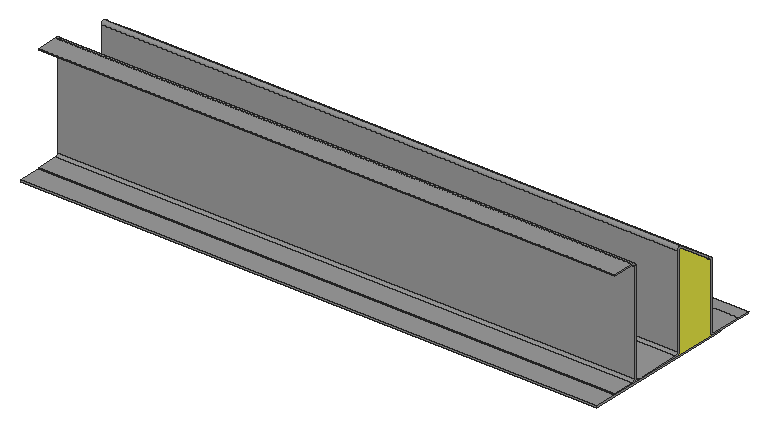
Revit family "HD K 90 215 WIL", category Generic Models, Revit 2014
Parameters (values of type "Max lintel length 2100mm")
  URL = "http://www.keystonelintels.co.uk"
  Structural Opening [instance] = 900 mm
  Structural Performance = "The Keystone lintel range has safe working loads as detailed in each applicable loading table in the Keystone Lintel Guide brochure. The structural performance figures within each table have been ascertained by testing in accordance with the requirements of standards BS EN 5977-2: 1983 and BS EN 845-2: 2003."
  RIBA Productor Selector = "available for Keystone Lintels Ltd from Keystone Lintels Ltd from ribaproductselector.com"
  Model = "HD/K 90 215 WIL"
  Min Length = 600 mm
  Min Clear Span = 300 mm
  Max Length = 2100 mm
  Max Clear Span = 2100 mm
  Material - Stainless Steel = "Grade 304 2b 1.4307 to BS EN 10088-2. Other grades available on request: contact manufacturer."
  Material - Galvanised Steel = "To BS EN 10346: 2009. DX51D plus Z600 or grade Z275 to BS 5977-2: 1983 (BS EN 845-2: 2003)."
  Manufacturer = "Keystone"
  Manufactured Length [instance] = (roundup(Effective Length / 150 mm) * 150 mm)  # 1200 mm
  Lintel height [instance] = 2100 mm
  Keynote = "F30/755"
  Fire Performance = "Keystone lintels have been subjected to a fire test (WARRES No. 101263) in accordance with BS 476-20: 1987, at Exova Warrington Fire and achieved a one hour fire performance."
  End Bearing = 150 mm
  Effective Length [instance] = Clear Opening with MIN MAX set + End Bearing * 2  # 1200 mm
  Corrosion = "Keystone’s standard range of lintels are manufactured from high quality grade pre-galvanized carbon steel with a zinc coating of 600"
  Contact Tel = "+44 (0)28 8676 2184"
  Contact Email = "info@keystonelintels.co.uk"
  Clear Opening with MIN MAX set [instance] = if(Structural Opening < Min Clear Span, Min Clear Span, (if(Structural Opening > Max Clear Span, Max Clear Span, Structural Opening)))  # 900 mm
  CPD Information = "Available for Keystone Lintels Ltd from ribacpd.com"
Reference planes
  plane 1 "Center (Front/Back)": y = 0
  plane 2: z = 0
  plane 3 "Center (Left/Right)": x = 0
  plane 4: x = -600
  plane 5: x = 600
  plane 6: z = 2100
  plane 7: x = -450
  plane 8: x = 450
Forms (mm)
  Extrusion 1, solid, material "Steel"
    sketch origin (0, 658.34, -498.991) x (0, 1, 0) y (0, 0, 1)
      loop
        line (-520.597, 2598.128) -> (-520.486, 2601.326) -> (-545.486, 2602.191) -> (-610.486, 2602.191)
        arc (-610.486, 2602.191) -> (-614.022, 2603.656) -> (-615.486, 2607.191) r 5
        line (-615.486, 2607.191) -> (-615.486, 2742.536)
        arc (-615.486, 2742.536) -> (-616.075, 2744.939) -> (-617.707, 2746.798) r 5.2
        line (-617.707, 2746.798) -> (-695.307, 2801.049)
        arc (-695.307, 2801.049) -> (-700.689, 2801.399) -> (-703.486, 2796.787) r 5.2
        line (-703.486, 2796.787) -> (-703.486, 2607.191)
        arc (-703.486, 2607.191) -> (-704.951, 2603.656) -> (-708.486, 2602.191) r 5
        line (-708.486, 2602.191) -> (-803.486, 2602.191) -> (-803.486, 2598.991) -> (-708.486, 2598.991)
        arc (-708.486, 2598.991) -> (-702.688, 2601.393) -> (-700.286, 2607.191) r 8.2
        line (-700.286, 2607.191) -> (-700.286, 2796.787)
        arc (-700.286, 2796.787) -> (-699.21, 2798.561) -> (-697.14, 2798.426) r 2
        line (-697.14, 2798.426) -> (-619.54, 2744.175)
        arc (-619.54, 2744.175) -> (-618.913, 2743.46) -> (-618.686, 2742.536) r 2
        line (-618.686, 2742.536) -> (-618.686, 2607.191)
        arc (-618.686, 2607.191) -> (-616.284, 2601.393) -> (-610.486, 2598.991) r 8.2
        line (-610.486, 2598.991) -> (-545.542, 2598.991) -> (-520.597, 2598.128)
    from -600 to 600
  Extrusion 2, solid, material "Steel"
    sketch origin (0, 657.84, -498.991) x (0, 1, 0) y (0, 0, 1)
      loop
        line (-866.986, 2823.991) -> (-866.986, 2821.491) -> (-820.986, 2821.491)
        arc (-820.986, 2821.491) -> (-817.451, 2820.027) -> (-815.986, 2816.491) r 5
        line (-815.986, 2816.491) -> (-815.986, 2606.491)
        arc (-815.986, 2606.491) -> (-817.451, 2602.956) -> (-820.986, 2601.491) r 5
        line (-820.986, 2601.491) -> (-866.986, 2601.491) -> (-866.986, 2598.991) -> (-820.986, 2598.991)
        arc (-820.986, 2598.991) -> (-815.683, 2601.188) -> (-813.486, 2606.491) r 7.5
        line (-813.486, 2606.491) -> (-813.486, 2816.491)
        arc (-813.486, 2816.491) -> (-815.683, 2821.794) -> (-820.986, 2823.991) r 7.5
        line (-820.986, 2823.991) -> (-866.986, 2823.991)
    from -600 to 600
  Extrusion 3, solid, material "Steel"
    sketch origin (0, 657.34, -498.991) x (0, 1, 0) y (0, 0, 1)
      loop
        line (-593.486, 2596.491) -> (-593.486, 2598.991) -> (-913.486, 2598.991) -> (-913.486, 2596.491) -> (-593.486, 2596.491)
    from -600 to 600
  Extrusion 4, solid, material "Insulation"
    sketch origin (0, 658.34, -498.991) x (0, 1, 0) y (0, 0, 1)
      loop
        line (-708.486, 2598.991) -> (-610.486, 2598.991)
        arc (-610.486, 2598.991) -> (-616.284, 2601.393) -> (-618.686, 2607.191) r 8.2
        line (-618.686, 2607.191) -> (-618.686, 2742.536)
        arc (-618.686, 2742.536) -> (-618.913, 2743.46) -> (-619.54, 2744.175) r 2
        line (-619.54, 2744.175) -> (-697.14, 2798.426)
        arc (-697.14, 2798.426) -> (-699.21, 2798.561) -> (-700.286, 2796.787) r 2
        line (-700.286, 2796.787) -> (-700.286, 2607.191)
        arc (-700.286, 2607.191) -> (-702.688, 2601.393) -> (-708.486, 2598.991) r 8.2
    from -600 to 600
  Extrusion 5, solid, not visible
    sketch origin (0, 1025.769, 1401.82) x (0, 1, 0) y (0, 0, 1)
      loop
        line (-520.597, 998.128) -> (-520.486, 1001.326) -> (-545.486, 1002.191) -> (-610.486, 1002.191)
        arc (-610.486, 1002.191) -> (-614.022, 1003.656) -> (-615.486, 1007.191) r 5
        line (-615.486, 1007.191) -> (-615.486, 1142.536)
        arc (-615.486, 1142.536) -> (-616.075, 1144.939) -> (-617.707, 1146.798) r 5.2
        line (-617.707, 1146.798) -> (-695.307, 1201.049)
        arc (-695.307, 1201.049) -> (-700.689, 1201.399) -> (-703.486, 1196.787) r 5.2
        line (-703.486, 1196.787) -> (-703.486, 1007.191)
        arc (-703.486, 1007.191) -> (-704.951, 1003.656) -> (-708.486, 1002.191) r 5
        line (-708.486, 1002.191) -> (-803.486, 1002.191) -> (-803.486, 998.991) -> (-708.486, 998.991)
        arc (-708.486, 998.991) -> (-702.688, 1001.393) -> (-700.286, 1007.191) r 8.2
        line (-700.286, 1007.191) -> (-700.286, 1196.787)
        arc (-700.286, 1196.787) -> (-699.21, 1198.561) -> (-697.14, 1198.426) r 2
        line (-697.14, 1198.426) -> (-619.54, 1144.175)
        arc (-619.54, 1144.175) -> (-618.913, 1143.46) -> (-618.686, 1142.536) r 2
        line (-618.686, 1142.536) -> (-618.686, 1007.191)
        arc (-618.686, 1007.191) -> (-616.284, 1001.393) -> (-610.486, 998.991) r 8.2
        line (-610.486, 998.991) -> (-545.542, 998.991) -> (-520.597, 998.128)
    from 0 to 250
  Extrusion 6, solid, not visible
    sketch origin (0, 626.539, 1289.935) x (0, 1, 0) y (0, 0, 1)
      loop
        line (-866.986, 1223.991) -> (-866.986, 1221.491) -> (-820.986, 1221.491)
        arc (-820.986, 1221.491) -> (-817.451, 1220.027) -> (-815.986, 1216.491) r 5
        line (-815.986, 1216.491) -> (-815.986, 1006.491)
        arc (-815.986, 1006.491) -> (-817.451, 1002.956) -> (-820.986, 1001.491) r 5
        line (-820.986, 1001.491) -> (-866.986, 1001.491) -> (-866.986, 998.991) -> (-820.986, 998.991)
        arc (-820.986, 998.991) -> (-815.683, 1001.188) -> (-813.486, 1006.491) r 7.5
        line (-813.486, 1006.491) -> (-813.486, 1216.491)
        arc (-813.486, 1216.491) -> (-815.683, 1221.794) -> (-820.986, 1223.991) r 7.5
        line (-820.986, 1223.991) -> (-866.986, 1223.991)
    from 0 to 250
  Extrusion 7, solid, not visible
    sketch origin (0, 1112.184, 1068.786) x (0, 1, 0) y (0, 0, 1)
      loop
        line (-593.486, 996.491) -> (-593.486, 998.991) -> (-913.486, 998.991) -> (-913.486, 996.491) -> (-593.486, 996.491)
    from 0 to 250
  Extrusion 8, solid, not visible
    sketch origin (0, 532.138, 874.882) x (0, 1, 0) y (0, 0, 1)
      loop
        line (-708.486, 998.991) -> (-610.486, 998.991)
        arc (-610.486, 998.991) -> (-616.284, 1001.393) -> (-618.686, 1007.191) r 8.2
        line (-618.686, 1007.191) -> (-618.686, 1142.536)
        arc (-618.686, 1142.536) -> (-618.913, 1143.46) -> (-619.54, 1144.175) r 2
        line (-619.54, 1144.175) -> (-697.14, 1198.426)
        arc (-697.14, 1198.426) -> (-699.21, 1198.561) -> (-700.286, 1196.787) r 2
        line (-700.286, 1196.787) -> (-700.286, 1007.191)
        arc (-700.286, 1007.191) -> (-702.688, 1001.393) -> (-708.486, 998.991) r 8.2
    from 0 to 250
Dimensions and locks
  equal spacing: plane 4, plane 3 "Center (Left/Right)", plane 5
  "Manufactured Length": plane 4 to plane 5
  "Lintel height": plane 6 to level
  "Structural Opening": plane 7 to plane 8
  equal spacing: plane 7, plane 3 "Center (Left/Right)", plane 8
  aligned and locked: level to plane 2
  aligned and locked: Extrusion 1 to plane 6
  aligned and locked: Extrusion 4 to plane 6  (x2)
  aligned and locked: Extrusion 2 to plane 6
  aligned and locked: plane 6 to Extrusion 3  (x2)
  aligned and locked: plane 5 to Extrusion 3
  aligned and locked: Extrusion 3 to plane 4
  aligned and locked: plane 5 to Extrusion 2
  aligned and locked: Extrusion 2 to plane 4
  aligned and locked: plane 5 to Extrusion 1
  aligned and locked: Extrusion 1 to plane 4
  aligned and locked: plane 5 to Extrusion 4
  aligned and locked: Extrusion 4 to plane 4
Automatic sketch dimensions
  Extrusion 1 sketch curve to Extrusion 1 sketch curve = 64.945 mm
  Extrusion 1 sketch curve to Extrusion 1 sketch curve = 24.945 mm
  Extrusion 1 sketch curve to Extrusion 1 sketch curve = 0.863 mm
  Extrusion 1 sketch curve to Extrusion 1 sketch curve = 0.111 mm
  Extrusion 1 sketch curve to Extrusion 1 sketch curve = 0.055 mm
  Extrusion 1 sketch curve to Extrusion 1 sketch curve = 0 mm  (x17)
  Extrusion 1 sketch curve to Extrusion 1 sketch curve = 5 mm  (x2)
  Extrusion 1 sketch curve to Extrusion 1 sketch curve = 135.345 mm
  Extrusion 1 sketch curve to Extrusion 1 sketch curve = 2 mm
  Extrusion 1 sketch curve to Extrusion 1 sketch curve = 0.854 mm
  Extrusion 1 sketch curve to Extrusion 1 sketch curve = 77.6 mm
  Extrusion 1 sketch curve to Extrusion 1 sketch curve = 54.252 mm
  Extrusion 1 sketch curve to Extrusion 1 sketch curve = 1.834 mm  (x2)
  Extrusion 1 sketch curve to Extrusion 1 sketch curve = 2.623 mm
  Extrusion 1 sketch curve to Extrusion 1 sketch curve = 1.146 mm
  Extrusion 1 sketch curve to Extrusion 1 sketch curve = 1.639 mm
  Extrusion 1 sketch curve to Extrusion 1 sketch curve = 95 mm
  Extrusion 2 sketch curve to Extrusion 2 sketch curve = 46 mm  (x2)
  Extrusion 2 sketch curve to Extrusion 2 sketch curve = 2.5 mm
  Extrusion 2 sketch curve to Extrusion 2 sketch curve = 0 mm  (x8)
  Extrusion 2 sketch curve to Extrusion 2 sketch curve = 5 mm  (x2)
  Extrusion 2 sketch curve to Extrusion 2 sketch curve = 210 mm
  Extrusion 3 sketch curve to Extrusion 3 sketch curve = 320 mm
  Extrusion 3 sketch curve to Extrusion 3 sketch curve = 2.5 mm
  Extrusion 4 sketch curve to Extrusion 4 sketch curve = 8.2 mm  (x3)
  Extrusion 4 sketch curve to Extrusion 4 sketch curve = 89.8 mm  (x2)
  Extrusion 4 sketch curve to Extrusion 4 sketch curve = 0 mm  (x2)
  Extrusion 4 sketch curve to Extrusion 4 sketch curve = 135.345 mm
  Extrusion 4 sketch curve to Extrusion 4 sketch curve = 54.252 mm
  Extrusion 4 sketch curve to Extrusion 4 sketch curve = 2 mm
  Extrusion 4 sketch curve to Extrusion 4 sketch curve = 0.854 mm
  Extrusion 4 sketch curve to Extrusion 4 sketch curve = 3.146 mm
  Extrusion 4 sketch curve to Extrusion 4 sketch curve = 1.639 mm
  Extrusion 5 sketch curve to Extrusion 5 sketch curve = 64.945 mm
  Extrusion 5 sketch curve to Extrusion 5 sketch curve = 24.945 mm
  Extrusion 5 sketch curve to Extrusion 5 sketch curve = 0.863 mm
  Extrusion 5 sketch curve to Extrusion 5 sketch curve = 0.111 mm
  Extrusion 5 sketch curve to Extrusion 5 sketch curve = 0.055 mm
  Extrusion 5 sketch curve to Extrusion 5 sketch curve = 0 mm  (x17)
  Extrusion 5 sketch curve to Extrusion 5 sketch curve = 5 mm  (x2)
  Extrusion 5 sketch curve to Extrusion 5 sketch curve = 135.345 mm
  Extrusion 5 sketch curve to Extrusion 5 sketch curve = 2 mm
  Extrusion 5 sketch curve to Extrusion 5 sketch curve = 0.854 mm
  Extrusion 5 sketch curve to Extrusion 5 sketch curve = 77.6 mm
  Extrusion 5 sketch curve to Extrusion 5 sketch curve = 54.252 mm
  Extrusion 5 sketch curve to Extrusion 5 sketch curve = 1.834 mm  (x2)
  Extrusion 5 sketch curve to Extrusion 5 sketch curve = 2.623 mm
  Extrusion 5 sketch curve to Extrusion 5 sketch curve = 1.146 mm
  Extrusion 5 sketch curve to Extrusion 5 sketch curve = 1.639 mm
  Extrusion 5 sketch curve to Extrusion 5 sketch curve = 95 mm
  Extrusion 6 sketch curve to Extrusion 6 sketch curve = 46 mm  (x2)
  Extrusion 6 sketch curve to Extrusion 6 sketch curve = 2.5 mm
  Extrusion 6 sketch curve to Extrusion 6 sketch curve = 0 mm  (x8)
  Extrusion 6 sketch curve to Extrusion 6 sketch curve = 5 mm  (x2)
  Extrusion 6 sketch curve to Extrusion 6 sketch curve = 210 mm
  Extrusion 7 sketch curve to Extrusion 7 sketch curve = 320 mm
  Extrusion 7 sketch curve to Extrusion 7 sketch curve = 2.5 mm
  Extrusion 8 sketch curve to Extrusion 8 sketch curve = 8.2 mm  (x3)
  Extrusion 8 sketch curve to Extrusion 8 sketch curve = 89.8 mm  (x2)
  Extrusion 8 sketch curve to Extrusion 8 sketch curve = 0 mm  (x2)
  Extrusion 8 sketch curve to Extrusion 8 sketch curve = 135.345 mm
  Extrusion 8 sketch curve to Extrusion 8 sketch curve = 54.252 mm
  Extrusion 8 sketch curve to Extrusion 8 sketch curve = 2 mm
  Extrusion 8 sketch curve to Extrusion 8 sketch curve = 0.854 mm
  Extrusion 8 sketch curve to Extrusion 8 sketch curve = 3.146 mm
  Extrusion 8 sketch curve to Extrusion 8 sketch curve = 1.639 mm
  Extrusion 2 sketch curve to plane 6 = 0 mm
  plane 1 "Center (Front/Back)" to Extrusion 2 sketch curve = 209.146 mm
  Extrusion 4 sketch curve to plane 6 = 0 mm
  plane 1 "Center (Front/Back)" to Extrusion 4 sketch curve = 50.146 mm
  Extrusion 3 sketch curve to plane 6 = 0 mm
  plane 1 "Center (Front/Back)" to Extrusion 3 sketch curve = 256.146 mm
  Extrusion 1 sketch curve to plane 6 = 0 mm
  plane 1 "Center (Front/Back)" to Extrusion 1 sketch curve = 145.146 mm
